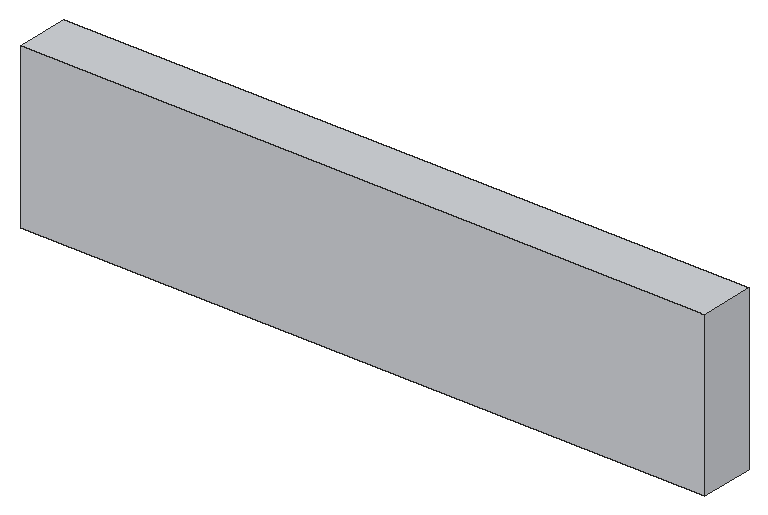
Revit family "KC Baseboard Heater 240V", category Mechanical Equipment, Revit 2027
Family settings
  Round Connector Dimension = Use Diameter
  Part Type = Normal
  Work Plane-Based = No
  Always vertical = Yes
  Cut with Voids When Loaded = No
  Maintain Annotation Orientation = No
  Shared = No
  Room Calculation Point = No
Parameters (values of type "500W 240V (760 mm)")
  Default Elevation = 0 mm
Reference planes
  plane 1 "Center (Front/Back)": y = 0
  plane 2: z = 0
  plane 3 "Center (Left/Right)": x = 0
Forms (mm)
  Extrusion 1, solid
    sketch origin (0, 0, 0) x (1, 0, 0) y (0, 1, 0)
      loop
        line (-380, 0) -> (380, 0) -> (380, 60) -> (-380, 60) -> (-380, 0)
    from 0 to 180
Dimensions and locks
  aligned and locked: level to plane 2
Connectors
  electrical at (0, 30, 180)
    settings: on Extrusion 1, index 1, voltage 240 V, apparent load 0 VA, apparent load phase1 250 VA, apparent load phase2 250 VA, apparent load phase3 0 VA, power factor 1, load classification "Other", number of poles 2, system type 6, power factor state 1, is connector primary yes, connector utility no, sub classification motor no, connector description ""
